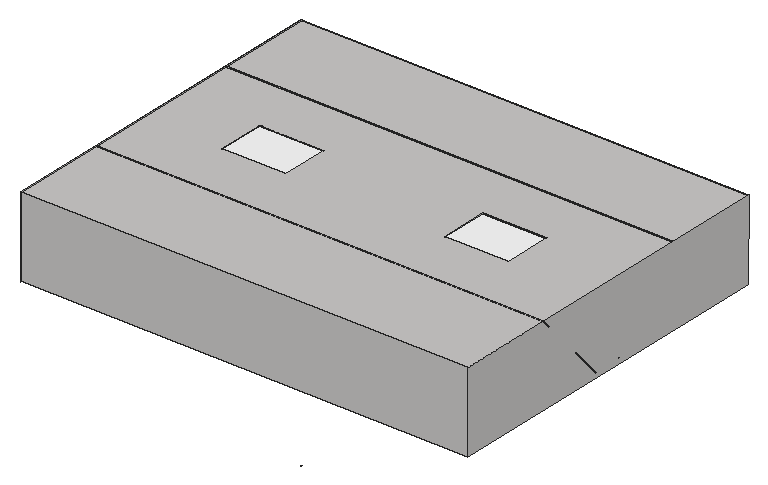
Revit family "QF_ELECTROLUXPROFESSIONAL_642014_EC2228T", category Attrezzature speciali, Revit 2021
Family settings
  Quota connettore circolare = Usa diametro
  Tipo di parte = Normale
  Basato su piano di lavoro = No
  Sempre verticale = Sì
  Taglio con vuoti quando caricato = No
  Condiviso = No
  Punto di calcolo locali = No
Parameters (values of type "Standard")
  Weight = 102.00 kg
  Watts = 0 W
  Volts = 0 V
  URL Manufacturer = "https://www.electroluxprofessional.com/"
  URL = "https://www.electroluxprofessional.com/"
  Steam Supply Size = 0 mm
  Steam Supply Minimum Pressure = 0.0 Pa
  Steam Supply Maximum Pressure = 0.0 Pa
  Steam Consumption per Hour = 0
  Refrigeration Suction Line Size = 0 mm
  Refrigeration Liquid Line Size = 0 mm
  Refrigerant Compressor Remote = yes
  Prospetto di default = 0 mm
  Produttore = "Electrolux Professional"
  Phase = 0
  Modello = "EC2228T"
  Length Actual = 2800 mm  # constant formula
  Item Number = "642014"
  Hot Water Size = 0 mm
  Height Actual = 500 mm  # constant formula
  HP = "0 HP"
  Gas Size = 0 mm
  Gas KW = 0
  Gas Input Pressure = 0 W
  Direct Waste Size = 0 mm
  Descrizione = "304 S/S ISLAND HOOD+FILTERS 2800X2200MM"
  Depth Actual = 2200 mm  # constant formula
  Cycle = 0 Hz
  Condensate Return Size = 0 mm
  Compressed Air Volume = 0.0 L/s
  Compressed Air Size = 0 mm
  Compressed Air Pressure = 0.0 Pa
  Cold Water Size = 0 mm
  Accessory = yes
Reference planes
  plane 1: z = 0
  plane 2 "Center (Left/Right)": x = 150
  plane 3 "LEFT": x = -1250
  plane 4 "RIGHT": x = 1550
  plane 5 "BACK": y = 550
  plane 6 "TOP": z = 2500
  plane 7 "Base": z = 2000
  plane 8: z = 1946
  plane 9: x = -1247
  plane 10 "DrainX": x = 1399
  plane 11 "AOLeft2": x = -350
  plane 12 "AORight1": x = 650
  plane 13: x = 1547
  plane 14: x = -1050
  plane 15: x = 1350
  plane 16: x = 50
  plane 17: x = 250
  plane 18 "AOLeft1": x = -750
  plane 19 "AORight2": x = 1050
  plane 20: y = -400
  plane 21: through (0, -127.846, 2402.468) normal (0, -0.753, 0.6581)
  plane 22: through (0, -972.152, 2402.468) normal (0, -0.753, -0.6581)
  plane 23: y = -700
  plane 24 "Center (Front/Back)": y = -550
  plane 25: y = -1650
Forms (mm)
  Extrusion 1, solid, material "QF_Finishes_Stainless Steel"
    sketch origin (-1250, 0, 360) x (0, 1, 0) y (0, 0, 1)
      loop
        line (550, 1640) -> (550, 2140) -> (-1650, 2140) -> (-1650, 1640) -> (550, 1640)
    from 0 to 3
  Extrusion 2, solid, material "QF_Finishes_Stainless Steel"
    sketch origin (1550, 0, 360) x (0, 1, 0) y (0, 0, 1)
      loop
        line (550, 1640) -> (550, 2140) -> (-1650, 2140) -> (-1650, 1640) -> (550, 1640)
    from 0 to -3
  Extrusion 3, solid, material "QF_Finishes_Stainless Steel"
    sketch origin (150, 0, 360) x (0, 1, 0) y (0, 0, 1)
      loop
        line (-1650, 2140) -> (-1650, 1640) -> (-1640, 1640) -> (-1640, 1640.8) -> (-1649.2, 1640.8) -> (-1649.2, 2139.19) -> (549.2, 2139.19) -> (549.2, 1640.8) -> (540, 1640.8) -> (540, 1640) -> (550, 1640) -> (550, 2140) -> (-1650, 2140)
    from -1400 to 1400
  Extrusion 4, void
    sketch origin (0, 0, 2500) x (0, 1, 0) y (-1, 0, 0)
      loop
        line (-400, 350) -> (-400, 750) -> (-700, 750) -> (-700, 350) -> (-400, 350)
    from 0 to -10
  Extrusion 5, solid, material "QF_Finishes_Stainless Steel"
    sketch origin (0, 0, 0) x (1, 0, 0) y (0, 1, 0)
      loop
        line (-1250, 550) -> (-1250, 549) -> (-1249, 549) -> (-1249, 550) -> (-1250, 550)
    from 0 to 1
  Extrusion 6, solid, material "QF_Finishes_Stainless Steel"
    sketch origin (150, -400, 360) x (0, 1, 0) y (0, 0, 1)
      loop
        line (-79.471, 1685.734) -> (-56.882, 1665.992) -> (272.154, 2042.468) -> (249.566, 2062.21) -> (-79.471, 1685.734)
      loop
        line (-572.152, 2042.468) -> (-243.115, 1665.992) -> (-220.526, 1685.734) -> (-549.563, 2062.21) -> (-572.152, 2042.468)
    from -1200 to -1397
  Extrusion 7, solid, material "QF_Finishes_Stainless Steel"
    sketch origin (150, -400, 360) x (0, 1, 0) y (0, 0, 1)
      loop
        line (360.354, 2141.454) -> (357.903, 2143.511) -> (264.331, 2031.996) -> (266.169, 2030.453) -> (357.41, 2139.19) -> (358.454, 2139.19) -> (360.354, 2141.454)
      loop
        line (-560.354, 2022.279) -> (-557.903, 2024.336) -> (-564.331, 2031.996) -> (-566.169, 2030.453) -> (-657.41, 2139.19) -> (-658.454, 2139.19) -> (-560.354, 2022.279)
      loop
        arc (-83.944, 1704.554) -> (-84.545, 1704.706) -> (-85.077, 1704.389) r 0.81
        line (-85.077, 1704.389) -> (-99.535, 1684.991) -> (-116.611, 1687.002) -> (-113.609, 1712.615) -> (-114.407, 1712.708) -> (-117.406, 1687.095)
        arc (-117.406, 1687.095) -> (-117.237, 1686.499) -> (-116.695, 1686.197) r 0.81
        line (-116.695, 1686.197) -> (-99.628, 1684.196)
        arc (-99.628, 1684.196) -> (-99.213, 1684.257) -> (-98.884, 1684.517) r 0.81
        line (-98.884, 1684.517) -> (-84.436, 1703.911) -> (-73.692, 1695.919) -> (-99.855, 1660.79) -> (-200.145, 1660.79) -> (-226.308, 1695.919) -> (-215.564, 1703.911) -> (-201.116, 1684.517)
        arc (-201.116, 1684.517) -> (-200.787, 1684.257) -> (-200.372, 1684.196) r 0.81
        line (-200.372, 1684.196) -> (-183.305, 1686.197)
        arc (-183.305, 1686.197) -> (-182.763, 1686.499) -> (-182.594, 1687.095) r 0.81
        line (-182.594, 1687.095) -> (-185.593, 1712.708) -> (-186.391, 1712.615) -> (-183.389, 1687.002) -> (-200.465, 1684.991) -> (-214.923, 1704.389)
        arc (-214.923, 1704.389) -> (-215.455, 1704.706) -> (-216.056, 1704.554) r 0.81
        line (-216.056, 1704.554) -> (-226.786, 1696.561)
        arc (-226.786, 1696.561) -> (-227.103, 1696.028) -> (-226.951, 1695.427) r 0.81
        line (-226.951, 1695.427) -> (-200.843, 1660.381)
        arc (-200.843, 1660.381) -> (-200.5, 1660.093) -> (-200.063, 1659.99) r 0.972
        line (-200.063, 1659.99) -> (-99.951, 1659.99)
        arc (-99.951, 1659.99) -> (-99.502, 1660.096) -> (-99.149, 1660.393) r 1
        line (-99.149, 1660.393) -> (-73.049, 1695.427)
        arc (-73.049, 1695.427) -> (-72.897, 1696.028) -> (-73.214, 1696.561) r 0.81
        line (-73.214, 1696.561) -> (-83.944, 1704.554)
    from -1397 to 1397
  Extrusion 8, solid, material "QF_Finishes_Stainless Steel"
    sketch origin (150, -400, 360) x (0, 1, 0) y (0, 0, 1)
      loop
        line (272.154, 2042.468) -> (249.566, 2062.21) -> (-79.471, 1685.734) -> (-56.882, 1665.992) -> (272.154, 2042.468)
      loop
        line (-572.154, 2042.468) -> (-243.118, 1665.992) -> (-220.529, 1685.734) -> (-549.566, 2062.21) -> (-572.154, 2042.468)
    from 1397 to 1200
  Extrusion 9, solid, material "QF_Finishes_Stainless Steel"
    sketch origin (150, -400, 360) x (0, 1, 0) y (0, 0, 1)
      loop
        line (272.154, 2042.468) -> (249.566, 2062.21) -> (-79.471, 1685.734) -> (-56.882, 1665.992) -> (272.154, 2042.468)
      loop
        line (-572.154, 2042.468) -> (-243.118, 1665.992) -> (-220.529, 1685.734) -> (-549.566, 2062.21) -> (-572.154, 2042.468)
    from -100 to 100
  Extrusion 10, solid, material "QF_Finished_Chrome"
    sketch origin (150, -400, 360) x (0, 1, 0) y (0, 0, 1)
      loop
        line (249.566, 2062.21) -> (-79.471, 1685.734) -> (-56.882, 1665.992) -> (272.154, 2042.468) -> (249.566, 2062.21)
      loop
        line (-549.566, 2062.21) -> (-572.154, 2042.468) -> (-243.118, 1665.992) -> (-220.529, 1685.734) -> (-549.566, 2062.21)
    from -1200 to -100
  Extrusion 11, solid, material "QF_Finished_Chrome"
    sketch origin (150, -400, 360) x (0, 1, 0) y (0, 0, 1)
      loop
        line (272.154, 2042.468) -> (249.566, 2062.21) -> (-79.471, 1685.734) -> (-56.882, 1665.992) -> (272.154, 2042.468)
      loop
        line (-572.154, 2042.468) -> (-243.118, 1665.992) -> (-220.529, 1685.734) -> (-549.566, 2062.21) -> (-572.154, 2042.468)
    from 100 to 1200
  Sweep 12, solid, material "QF_Finishes_Stainless Steel"
    path origin (0, 0, 0) x (1, 0, 0) y (0, 1, 0)
      loop
        line (1550, 550) -> (-1250, 550) -> (-1250, -1650) -> (1550, -1650) -> (1550, 550)
    profile origin (1550, -550, 0) x (1, 0, 0) y (0, 0, 1)
      loop
        line (-3, 2000) -> (-3, 2000.8) -> (-19, 2000.8) -> (-19, 2010) -> (-20, 2010) -> (-20, 2000) -> (-3, 2000)
  Extrusion 13, void
    sketch origin (0, 0, 2500) x (0, 1, 0) y (-1, 0, 0)
      loop
        line (-400, -1050) -> (-400, -650) -> (-700, -650) -> (-700, -1050) -> (-400, -1050)
    from 0 to -10
  Extrusion 14, solid, material "QF_Finishes_Stainless Steel"
    sketch origin (1399, 0, 0) x (0, 1, 0) y (0, 0, 1)
      loop
        arc (-518.5, 1946) -> (-511.429, 1948.929) -> (-508.5, 1956) r 10
        line (-508.5, 1956) -> (-508.5, 2000.8) -> (-591.5, 2000.8) -> (-591.5, 1956)
        arc (-591.5, 1956) -> (-588.571, 1948.929) -> (-581.5, 1946) r 10
        line (-581.5, 1946) -> (-518.5, 1946)
    from -90 to 90
  Extrusion 15, solid, material "QF_Finishes_Stainless Steel"
    sketch origin (0, -1100, 2000) x (0, 1, 0) y (-1, 0, 0)
      loop
        circle (550, -1399) r 6.35
    from -3.799 to 0
Cuts and joins
  Extrusion 4, Extrusion 13 cuts Extrusion 3
  joined: Extrusion 2, Extrusion 3, Sweep 12
Lines and regions (mm)
  symbolic lines, style "SpecialityEquipment", detail levels coarse
    curve 1: line (1550, 550, 2500) -> (-1250, 550, 2500)
    curve 2: line (-1250, 550, 2500) -> (-1250, -1640, 2500)
    curve 3: line (1550, -1650, 2500) -> (1550, 550, 2500)
    curve 4: line (-1250, 550, 0) -> (1550, -1650, 0)
    curve 5: line (1550, 550, 0) -> (-1247, -1650, 0)
  symbolic lines, detail levels coarse
    curve 6: line (-1247, -1650, 0) -> (1550, -1650, 0)
    curve 7: line (-750, -700, 0) -> (-350, -700, 0)
    curve 8: line (-750, -400, 0) -> (-750, -700, 0)
    curve 9: line (-350, -400, 0) -> (-750, -400, 0)
    curve 10: line (-350, -700, 0) -> (-350, -400, 0)
    curve 11: line (650, -400, 0) -> (650, -700, 0)
    curve 12: line (1050, -400, 0) -> (650, -400, 0)
    curve 13: line (1050, -700, 0) -> (1050, -400, 0)
    curve 14: line (650, -700, 0) -> (1050, -700, 0)
Dimensions and locks
  plane 3 "LEFT" to plane 4 "RIGHT" = 2800 mm
  equal spacing: plane 3 "LEFT", plane 2 "Center (Left/Right)", plane 4 "RIGHT"
  plane 3 "LEFT" to plane 9 = 3 mm
  plane 10 "DrainX" to plane 4 "RIGHT" = 151 mm
  plane 13 to plane 4 "RIGHT" = 3 mm
  plane 3 "LEFT" to plane 14 = 200 mm
  plane 15 to plane 4 "RIGHT" = 200 mm
  locked: plane 11 "AOLeft2" to plane 12 "AORight1" at 1000
  equal spacing: plane 11 "AOLeft2", plane 2 "Center (Left/Right)", plane 12 "AORight1"
  locked: plane 7 "Base" to level at 2000
  locked: plane 16 to plane 17 at 200
  equal spacing: plane 16, plane 2 "Center (Left/Right)", plane 17
  plane 18 "AOLeft1" to plane 11 "AOLeft2" = 400 mm
  plane 12 "AORight1" to plane 19 "AORight2" = 400 mm
  plane 7 "Base" to plane 8 = 54 mm
  locked: plane 6 "TOP" to plane 7 "Base" at 500
  plane 5 "BACK" to plane 25 = 2200 mm  (x2)
  equal spacing: plane 5 "BACK", plane 24 "Center (Front/Back)", plane 25
  plane 23 to plane 20 = 300 mm
  equal spacing: plane 23, plane 24 "Center (Front/Back)", plane 20
  aligned and locked: level to plane 1
  aligned and locked: plane 4 "RIGHT" to Extrusion 3
  aligned and locked: Extrusion 3 to plane 3 "LEFT"
  aligned and locked: Extrusion 6 to plane 9
  aligned and locked: plane 14 to Extrusion 6
  aligned and locked: Extrusion 2 to plane 13
  aligned and locked: plane 13 to Extrusion 8
  aligned and locked: plane 15 to Extrusion 8
  aligned and locked: plane 17 to Extrusion 9
  aligned and locked: Extrusion 9 to plane 16
  aligned and locked: plane 16 to Extrusion 10
  aligned and locked: Extrusion 10 to plane 14
  aligned and locked: Extrusion 11 to plane 17
  aligned and locked: Extrusion 11 to plane 15
  aligned and locked: Extrusion 7 to plane 9
  aligned and locked: Extrusion 7 to plane 13
  aligned and locked: Extrusion 4 to plane 18 "AOLeft1"
  aligned and locked: Extrusion 4 to plane 11 "AOLeft2"
  aligned and locked: plane 12 "AORight1" to Extrusion 13
  aligned and locked: plane 19 "AORight2" to Extrusion 13
  aligned and locked: plane 23 to Extrusion 13
  aligned and locked: plane 23 to Extrusion 4
  aligned and locked: plane 20 to Extrusion 13
  aligned and locked: plane 20 to Extrusion 4
  aligned and locked: curve 7 to Extrusion 4
  aligned and locked: curve 8 to Extrusion 4
  aligned and locked: curve 9 to Extrusion 4
  aligned and locked: curve 10 to Extrusion 4
  aligned and locked: curve 11 to Extrusion 13
  aligned and locked: curve 12 to Extrusion 13
  aligned and locked: curve 13 to Extrusion 13
  aligned and locked: curve 14 to Extrusion 13
Automatic sketch dimensions
  Extrusion 1 sketch curve to plane 7 "Base" = 0 mm
  Extrusion 1 sketch curve to plane 5 "BACK" = 0 mm
  Extrusion 1 sketch curve to plane 6 "TOP" = 0 mm
  Extrusion 2 sketch curve to plane 7 "Base" = 0 mm
  Extrusion 2 sketch curve to plane 5 "BACK" = 0 mm
  Extrusion 2 sketch curve to plane 6 "TOP" = 0 mm
  Extrusion 3 sketch curve to plane 6 "TOP" = 0 mm
  Extrusion 3 sketch curve to plane 7 "Base" = 0 mm  (x2)
  Extrusion 3 sketch curve to plane 5 "BACK" = 0 mm
  Extrusion 3 sketch curve to Extrusion 3 sketch curve = 9.2 mm
  plane 7 "Base" to Extrusion 3 sketch curve = 0.8 mm  (x2)
  Extrusion 3 sketch curve to plane 5 "BACK" = 10 mm
  Extrusion 3 sketch curve to plane 5 "BACK" = 0.8 mm
  Extrusion 3 sketch curve to plane 6 "TOP" = 0.81 mm
  Extrusion 4 sketch curve to plane 11 "AOLeft2" = 0 mm
  Extrusion 4 sketch curve to plane 18 "AOLeft1" = 0 mm
  Extrusion 5 sketch curve to plane 3 "LEFT" = 0 mm
  Extrusion 5 sketch curve to plane 5 "BACK" = 0 mm
  plane 3 "LEFT" to Extrusion 5 sketch curve = 1 mm
  Extrusion 5 sketch curve to Extrusion 5 sketch curve = 1 mm
  Sweep 12 sketch curve to plane 3 "LEFT" = 0 mm
  Sweep 12 sketch curve to plane 4 "RIGHT" = 0 mm
  Sweep 12 sketch curve to plane 5 "BACK" = 0 mm
  profile plane to Sweep 12 sketch curve = 20 mm
  Sweep 12 sketch curve to Sweep 12 sketch curve = 1 mm
  profile plane to Sweep 12 sketch curve = 3 mm
  level to Sweep 12 sketch curve = 2000 mm
  Sweep 12 sketch curve to Sweep 12 sketch curve = 0.8 mm
  Sweep 12 sketch curve to Sweep 12 sketch curve = 9.2 mm
  Extrusion 13 sketch curve to plane 11 "AOLeft2" = 1400 mm
  plane 18 "AOLeft1" to Extrusion 13 sketch curve = 1400 mm
  Extrusion 13 sketch curve to Extrusion 13 sketch curve = 300 mm
  Extrusion 3 sketch curve to Extrusion 3 sketch curve = 0.8 mm
  Extrusion 6 sketch curve to plane 21 = 0 mm  (x2)
  Extrusion 6 sketch curve to plane 6 "TOP" = 77.79 mm  (x2)
  plane 7 "Base" to Extrusion 6 sketch curve = 25.992 mm  (x2)
  plane 7 "Base" to Extrusion 6 sketch curve = 45.734 mm
  Extrusion 6 sketch curve to plane 22 = 0 mm
  plane 22 to Extrusion 6 sketch curve = 0 mm
  Extrusion 10 sketch curve to plane 21 = 0 mm  (x2)
  Extrusion 10 sketch curve to plane 6 "TOP" = 77.79 mm  (x2)
  Extrusion 10 sketch curve to Extrusion 10 sketch curve = 22.589 mm
  plane 7 "Base" to Extrusion 10 sketch curve = 25.992 mm  (x2)
  Extrusion 9 sketch curve to plane 21 = 0 mm  (x2)
  Extrusion 9 sketch curve to plane 6 "TOP" = 77.79 mm  (x2)
  Extrusion 9 sketch curve to Extrusion 9 sketch curve = 22.589 mm
  plane 7 "Base" to Extrusion 9 sketch curve = 25.992 mm  (x2)
  Extrusion 11 sketch curve to plane 21 = 0 mm  (x2)
  Extrusion 11 sketch curve to plane 6 "TOP" = 77.79 mm  (x2)
  Extrusion 11 sketch curve to Extrusion 11 sketch curve = 22.589 mm
  plane 7 "Base" to Extrusion 11 sketch curve = 25.992 mm  (x2)
  Extrusion 8 sketch curve to plane 21 = 0 mm  (x2)
  Extrusion 8 sketch curve to plane 6 "TOP" = 77.79 mm  (x2)
  Extrusion 8 sketch curve to Extrusion 8 sketch curve = 22.589 mm
  plane 7 "Base" to Extrusion 8 sketch curve = 25.992 mm  (x2)
  plane 7 "Base" to Extrusion 8 sketch curve = 45.734 mm
  plane 7 "Base" to Extrusion 9 sketch curve = 45.734 mm
  plane 7 "Base" to Extrusion 10 sketch curve = 45.734 mm
  plane 7 "Base" to Extrusion 11 sketch curve = 45.734 mm
  Extrusion 13 sketch curve to plane 20 = 0 mm
  plane 23 to Extrusion 1 sketch curve = 950 mm
  plane 23 to Extrusion 2 sketch curve = 950 mm
  plane 23 to Extrusion 3 sketch curve = 940 mm
  plane 23 to Sweep 12 sketch curve = 950 mm
  plane 23 to Extrusion 4 sketch curve = 0 mm
  Extrusion 4 sketch curve to plane 20 = 0 mm
  plane 23 to Extrusion 6 sketch curve = 249.563 mm
  Extrusion 8 sketch curve to plane 23 = 79.471 mm
  plane 23 to Extrusion 8 sketch curve = 249.566 mm
  Extrusion 9 sketch curve to plane 23 = 79.471 mm
  plane 23 to Extrusion 9 sketch curve = 249.566 mm
  Extrusion 10 sketch curve to plane 23 = 79.471 mm
  plane 23 to Extrusion 10 sketch curve = 249.566 mm
  Extrusion 11 sketch curve to plane 23 = 79.471 mm
  plane 23 to Extrusion 11 sketch curve = 249.566 mm
  Extrusion 15 sketch curve to plane 10 "DrainX" = 0 mm
  Extrusion 15 sketch curve to plane 24 "Center (Front/Back)" = 0 mm
  Extrusion 14 sketch curve to plane 8 = 0 mm
  plane 8 to Extrusion 14 sketch curve = 10 mm
  Extrusion 14 sketch curve to plane 24 "Center (Front/Back)" = 41.5 mm
  plane 24 "Center (Front/Back)" to Extrusion 14 sketch curve = 31.5 mm
  plane 7 "Base" to Extrusion 14 sketch curve = 0.8 mm
  plane 24 "Center (Front/Back)" to Extrusion 14 sketch curve = 41.5 mm
  Extrusion 7 sketch curve to plane 6 "TOP" = 0.81 mm  (x2)
  plane 23 to Extrusion 7 sketch curve = 358.454 mm
  Extrusion 7 sketch curve to Extrusion 7 sketch curve = 1.044 mm  (x2)
  Extrusion 7 sketch curve to plane 6 "TOP" = 109.547 mm  (x2)
  Extrusion 7 sketch curve to Extrusion 7 sketch curve = 91.241 mm
  Extrusion 7 sketch curve to plane 6 "TOP" = 108.004 mm  (x2)
  Extrusion 7 sketch curve to plane 6 "TOP" = 117.721 mm
  Extrusion 7 sketch curve to plane 23 = 73.049 mm
  Extrusion 7 sketch curve to Extrusion 7 sketch curve = 0.166 mm
  Extrusion 7 sketch curve to Extrusion 7 sketch curve = 0.478 mm  (x4)
  Extrusion 7 sketch curve to Extrusion 7 sketch curve = 0.006 mm  (x4)
  Extrusion 7 sketch curve to Extrusion 7 sketch curve = 10.73 mm  (x2)
  Extrusion 7 sketch curve to Extrusion 7 sketch curve = 0.484 mm  (x4)
  Extrusion 7 sketch curve to Extrusion 7 sketch curve = 0.008 mm  (x4)
  Extrusion 7 sketch curve to Extrusion 7 sketch curve = 0.641 mm  (x2)
  Extrusion 7 sketch curve to Extrusion 7 sketch curve = 14.448 mm
  plane 7 "Base" to Extrusion 7 sketch curve = 20.381 mm
  Extrusion 7 sketch curve to Extrusion 7 sketch curve = 0.273 mm
  Extrusion 7 sketch curve to Extrusion 7 sketch curve = 0.65 mm  (x2)
  Extrusion 7 sketch curve to Extrusion 7 sketch curve = 0.001 mm  (x4)
  Extrusion 7 sketch curve to Extrusion 7 sketch curve = 0.093 mm  (x2)
  plane 7 "Base" to Extrusion 7 sketch curve = 20.79 mm
  Extrusion 7 sketch curve to Extrusion 7 sketch curve = 0.698 mm
  Extrusion 7 sketch curve to Extrusion 7 sketch curve = 0.081 mm
  Extrusion 7 sketch curve to Extrusion 7 sketch curve = 28.531 mm
  Extrusion 7 sketch curve to Extrusion 7 sketch curve = 0.799 mm  (x2)
  Extrusion 7 sketch curve to Extrusion 7 sketch curve = 17.067 mm  (x2)
  Extrusion 7 sketch curve to Extrusion 7 sketch curve = 0.01 mm  (x4)
  Extrusion 7 sketch curve to Extrusion 7 sketch curve = 0.094 mm
  Extrusion 7 sketch curve to Extrusion 7 sketch curve = 0.795 mm  (x2)
  plane 24 "Center (Front/Back)" to Extrusion 7 sketch curve = 32.594 mm
  Extrusion 7 sketch curve to Extrusion 7 sketch curve = 0.71 mm
  Extrusion 7 sketch curve to Extrusion 7 sketch curve = 2.998 mm
  Extrusion 7 sketch curve to Extrusion 7 sketch curve = 16.745 mm
  Extrusion 7 sketch curve to Extrusion 7 sketch curve = 0.095 mm
  plane 7 "Base" to Extrusion 7 sketch curve = 20.393 mm
  Extrusion 7 sketch curve to Extrusion 7 sketch curve = 0.707 mm
  Extrusion 7 sketch curve to Extrusion 7 sketch curve = 0.651 mm
  Extrusion 7 sketch curve to Extrusion 7 sketch curve = 14.456 mm
  plane 20 to Extrusion 7 sketch curve = 264.331 mm
  plane 6 "TOP" to Extrusion 7 sketch curve = 3.511 mm
  Extrusion 7 sketch curve to Extrusion 7 sketch curve = 0.8 mm
  Extrusion 7 sketch curve to Extrusion 7 sketch curve = 23.206 mm
  Extrusion 7 sketch curve to Extrusion 7 sketch curve = 23.234 mm
  Extrusion 7 sketch curve to Extrusion 7 sketch curve = 0.321 mm  (x2)
  Extrusion 7 sketch curve to Extrusion 7 sketch curve = 2.001 mm  (x2)
  Extrusion 7 sketch curve to Extrusion 7 sketch curve = 0.804 mm  (x2)
  Extrusion 7 sketch curve to Extrusion 7 sketch curve = 10.911 mm  (x2)
  Extrusion 7 sketch curve to Extrusion 7 sketch curve = 7.993 mm  (x2)
  Extrusion 7 sketch curve to Extrusion 7 sketch curve = 25.613 mm  (x2)
  Extrusion 7 sketch curve to Extrusion 7 sketch curve = 1.839 mm
  curve 4 to plane 3 "LEFT" = 0 mm
  curve 6 to plane 9 = 0 mm
  curve 6 to plane 4 "RIGHT" = 0 mm
  curve 5 to plane 4 "RIGHT" = 0 mm
  curve 4 to plane 25 = 0 mm
  curve 4 to plane 5 "BACK" = 0 mm
  curve 5 to plane 5 "BACK" = 0 mm
  curve 3 to plane 4 "RIGHT" = 0 mm
  curve 3 to plane 25 = 0 mm
  curve 2 to plane 3 "LEFT" = 0 mm
  curve 2 to plane 5 "BACK" = 0 mm
  plane 25 to curve 2 = 10 mm
  radius of Extrusion 15 sketch curve = 6.35 mm
Connectors
  hvac at (-550, -550, 2500)
    settings: on Extrusion 4, index 2, duct flow 0.0 L/s, flow factor 0, pres drop 0.0 Pa, loss coef 0, conn angle 0.00°, conn width 300 mm, conn height 400 mm, conn diameter 609.6 mm, duct sys type 3, conn prof type 1, flow config 1, flow direction 2, loss method 0, conn ref index -1, conn util no, is conn primary yes, conn desc "EXHAUST OUTLET"
  hvac at (850, -550, 2500)
    settings: on Extrusion 13, index 3, duct flow 0.0 L/s, flow factor 0, pres drop 0.0 Pa, loss coef 0, conn angle 0.00°, conn width 300 mm, conn height 400 mm, conn diameter 609.6 mm, duct sys type 3, conn prof type 1, flow config 1, flow direction 2, loss method 0, conn ref index -1, conn util no, is conn primary no, conn desc "EXHAUST OUTLET"
  piping at (1399, -550, 1996.201), diameter 12.7
    settings: on Extrusion 15, index 4, connector inside diameter 609.6 mm, connector length 0 mm, flow factor 0, pipe flow 0.0 L/s, pressure drop 0.0 Pa, fitting loss kfactor 0, connector angle 0.00°, fixture units 0, engagement length 0 mm, angle of deflection 0.00°, flow configuration 1, flow direction 2, fitting loss method 0, system type 16, joint type 0, gender type 0, connector reference index -1, connector utility 0, adjustable connector no, is connector primary yes, connector description "Drain"
